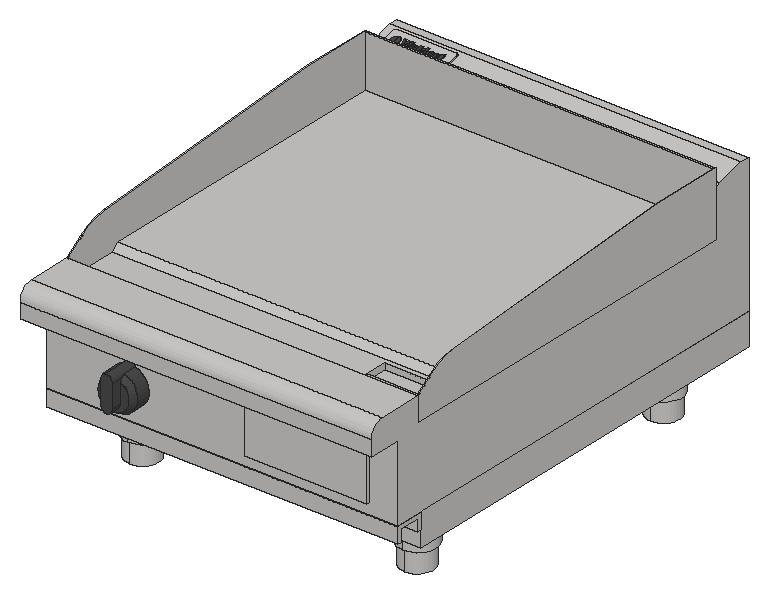
Revit family "QF_MOFFAT WALDORF_GPL8600E-B", category Specialty Equipment, Revit 2012
Parameters
  Width [instance] = 600.0 mm  # constant formula
  Weight in Pounds = 260.1452
  Watts = 7200 W
  Volts = 240 V
  URL Cutsheet = "www.moffat.com"
  URL = "www.moffat.com"
  Type Mark [instance] = ""
  Status [instance] = ""
  Specification by User [instance] = ""
  Specification by Manufacturer = ""
  Show Logo [instance] = yes
  Serial Number = ""
  Seismic Rating = ""
  SMACNA No = ""
  Revision Code [instance] = ""
  Phase = 1
  Omniclass Number and Title = ""
  Number of Poles = 1
  NAFEM Spec ID Number = ""
  Model = "GPL8600E-B"
  Min Ckt Ampacity = 0 A
  Max Overcurrent Protection = 0 A
  Masterspec = ""
  Manufacturer = "MOFFAT WALDORF"
  Item Number [instance] = ""
  Installed By [instance] = ""
  Identify Quantity as Lot [instance] = yes
  Height [instance] = 370.0 mm  # constant formula
  HP = ""
  Furnished By [instance] = ""
  Foodservice Equipment Identifier [instance] = yes
  FL Amps = 30 A
  Elec Conn RI Height = 0.0 mm
  Elec Conn Connection Height = 0.0 mm
  Description = "GRIDDLE PLATE LOW SPLASHBACK ELECTRIC BENCH MOUNT"
  Depth [instance] = 805.0 mm  # constant formula
  Cycle = 50 Hz
  Conn Plug = ""
  Conn Conduit = yes
  CSI MasterFormat = ""
  CSI Master Format = ""
  Base Height [instance] = 80.0 mm
  Apparent Power = if(Phase = 3, Volts * FL Amps * 1.73, Volts * FL Amps)  # 7200 VA
Reference planes
  plane 1 "BACK": y = 0
  plane 2: z = 0
  plane 3 "LEFT": x = 0
  plane 4 "RIGHT": x = 600
  plane 5 "FRONT": y = -805
  plane 6 "TOP": z = 370
  plane 7 "Center Y": x = 300
  plane 8 "Center X": y = -402.5
  plane 9 "Base Height": z = 80
  plane 10: x = 65
  plane 11: x = 535
Forms (mm)
  Extrusion 1, solid, material "QF_Finishes_Stainless Steel"
    sketch origin (0, 0, 0) x (0, 1, 0) y (0, 0, 1)
      loop
        line (-805, 291) -> (-805, 266) -> (-749, 266) -> (-749, 135) -> (0, 135) -> (0, 370) -> (-15, 370) -> (-61.106, 357.646)
        arc (-61.106, 357.646) -> (-67.52, 353.36) -> (-70, 346.055) r 12
        line (-70, 346.055) -> (-70, 275) -> (-705, 275) -> (-705, 315) -> (-781, 315)
        arc (-781, 315) -> (-797.971, 307.971) -> (-805, 291) r 24
      loop
        line (0, 80) -> (0, 134.206) -> (-699, 134.206) -> (-699, 80) -> (0, 80)
      loop
        line (-749, 134.206) -> (-749, 107.019) -> (-742.6, 107.019) -> (-742.6, 127.806) -> (-706.4, 127.806) -> (-706.4, 107.019) -> (-700, 107.019) -> (-700, 134.206) -> (-749, 134.206)
    from 0 to 600
  Revolve 2, solid, material "QF_Finishes_Stainless Steel"
    sketch origin (535, -210, 0) x (0, 1, 0) y (0, 0, -1)
      loop
        line (78.25, -80) -> (110, -80) -> (110, 0) -> (82.5, 0) -> (82.5, -35) -> (78.25, -35) -> (78.25, -80)
      axis (110, -80) -> (110, 0)
    angle from 0 to 360
  Revolve 3, solid, material "QF_Finishes_Stainless Steel"
    sketch origin (65, -210, 0) x (0, 1, 0) y (0, 0, 1)
      loop
        line (78.25, 80) -> (78.25, 35) -> (82.5, 35) -> (82.5, 0) -> (110, 0) -> (110, 80) -> (78.25, 80)
      axis (110, 80) -> (110, 0)
    angle from 0 to 360
  Extrusion 4, void
    sketch origin (0, -699, 134.206) x (0, 1, 0) y (-1, 0, 0)
      loop
        circle (667, -470) r 13.5
    from 0 to -86.704
  Revolve 5, solid, material "QF_Finishes_Black"
    sketch origin (150, 0, -0.127) x (0, 1, 0) y (0, 0, -1)
      loop
        line (-782, -229.5) -> (-759, -229.5) -> (-759, -202) -> (-749, -202) -> (-749, -197) -> (-793, -197) -> (-793, -223.651) -> (-782, -229.5)
      axis (-793, -197) -> (-749, -197)
    angle from 0 to 360
  Extrusion 6, solid, material "QF_Finishes_Black"
    sketch origin (288.27, 0, 0.031) x (-1, 0, 0) y (0, 0, -1)
      loop
        arc (148.269, -184.969) -> (138.269, -174.969) -> (128.269, -184.969) r 10
        line (128.269, -184.969) -> (128.269, -223.969)
        arc (128.269, -223.969) -> (138.269, -233.969) -> (148.269, -223.969) r 10
        line (148.269, -223.969) -> (148.269, -184.969)
    from 759 to 808
  Revolve 7, solid, material "QF_Finishes_Stainless Steel"
    sketch origin (535, -735, 0) x (0, 1, 0) y (0, 0, -1)
      loop
        line (78.25, -80) -> (110, -80) -> (110, 0) -> (82.5, 0) -> (82.5, -35) -> (78.25, -35) -> (78.25, -80)
      axis (110, -80) -> (110, 0)
    angle from 0 to 360
  Revolve 8, solid, material "QF_Finishes_Stainless Steel"
    sketch origin (65, -735, 0) x (0, 1, 0) y (0, 0, 1)
      loop
        line (78.25, 80) -> (78.25, 35) -> (82.5, 35) -> (82.5, 0) -> (110, 0) -> (110, 80) -> (78.25, 80)
      axis (110, 80) -> (110, 0)
    angle from 0 to 360
  Extrusion 9, solid, material "QF_Finishes_Stainless Steel"
    sketch origin (0, -749, 266) x (0, 0, -1) y (1, 0, 0)
      loop
        line (26.5, 340) -> (113.5, 340) -> (113.5, 550) -> (26.5, 550) -> (26.5, 340)
    from 0 to 2.5
  Extrusion 10, solid, material "QF_Finishes_Stainless Steel"
    sketch origin (0, -751.5, 266) x (0, 0, -1) y (1, 0, 0)
      loop
        line (33.5, 550) -> (26.5, 550) -> (26.5, 340) -> (33.5, 340) -> (33.5, 550)
    from 0 to 5
  Extrusion 11, solid, material "QF_Finishes_Stainless Steel"
    sketch origin (0, -699, 134.206) x (0, 1, 0) y (-1, 0, 0)
      loop
        circle (666.862, -469.75) r 6.35
    from 0 to -24.206
Cuts and joins
  joined: Revolve 5, Extrusion 6
  joined: Extrusion 9, Extrusion 10
  Extrusion 4 cuts Extrusion 1
Lines and regions (mm)
  Split face 1
    outline origin (49.063, -18.622, 369.029) x (0, -0.965926, -0.258819) y (1, 0, 0)
      loop
        line (1.427, 105.5) -> (34.83, 105.5) -> (34.83, 125.5) -> (1.427, 125.5) -> (1.427, 105.5)
  Split face 2
    outline origin (99.063, -18.622, 369.029) x (0, -0.965926, -0.258819) y (1, 0, 0)
      loop
        line (1.427, 105.5) -> (34.83, 105.5) -> (34.83, 125.5) -> (1.427, 125.5) -> (1.427, 105.5)
  Split face 3
    outline origin (149.062, -18.622, 369.029) x (0, -0.965926, -0.258819) y (1, 0, 0)
      loop
        line (1.427, 105.5) -> (34.83, 105.5) -> (34.83, 125.5) -> (1.427, 125.5) -> (1.427, 105.5)
  Split face 4
    outline origin (199.063, -18.622, 369.029) x (0, -0.965926, -0.258819) y (1, 0, 0)
      loop
        line (1.427, 105.5) -> (34.83, 105.5) -> (34.83, 125.5) -> (1.427, 125.5) -> (1.427, 105.5)
  Split face 5
    outline origin (249.062, -18.622, 369.029) x (0, -0.965926, -0.258819) y (1, 0, 0)
      loop
        line (1.427, 105.5) -> (34.83, 105.5) -> (34.83, 125.5) -> (1.427, 125.5) -> (1.427, 105.5)
  Split face 6
    outline origin (299.062, -18.622, 369.029) x (0, -0.965926, -0.258819) y (1, 0, 0)
      loop
        line (1.427, 105.5) -> (34.83, 105.5) -> (34.83, 125.5) -> (1.427, 125.5) -> (1.427, 105.5)
  Split face 7
    outline origin (349.062, -18.622, 369.029) x (0, -0.965926, -0.258819) y (1, 0, 0)
      loop
        line (1.427, 105.5) -> (34.83, 105.5) -> (34.83, 125.5) -> (1.427, 125.5) -> (1.427, 105.5)
  symbolic lines, visible <- "Show Logo"
    curve 1: line (12.5, -52.06, 0) -> (12.5, -21.099, 0)
    curve 2: line (121.5, -21.099, 0) -> (121.5, -52.06, 0)
    curve 3: line (12.5, -21.099, 0) -> (121.5, -21.099, 0)
    curve 4: line (12.5, -52.06, 0) -> (121.5, -52.06, 0)
  symbolic lines
    curve 5: line (154.563, -50.782, 0) -> (154.563, -20.984, 0)
    curve 6: line (154.563, -20.984, 0) -> (174.562, -20.984, 0)
    curve 7: line (174.562, -20.984, 0) -> (174.562, -50.782, 0)
    curve 8: line (174.562, -50.782, 0) -> (154.563, -50.782, 0)
    curve 9: line (204.563, -20.984, 0) -> (204.563, -50.782, 0)
    curve 10: line (204.563, -50.782, 0) -> (224.562, -50.782, 0)
    curve 11: line (224.562, -50.782, 0) -> (224.562, -20.984, 0)
    curve 12: line (224.562, -20.984, 0) -> (204.563, -20.984, 0)
    curve 13: line (254.563, -20.984, 0) -> (254.563, -50.782, 0)
    curve 14: line (254.563, -50.782, 0) -> (274.562, -50.782, 0)
    curve 15: line (274.562, -50.782, 0) -> (274.562, -20.984, 0)
    curve 16: line (274.562, -20.984, 0) -> (254.563, -20.984, 0)
    curve 17: line (304.563, -20.984, 0) -> (304.563, -50.782, 0)
    curve 18: line (304.563, -50.782, 0) -> (324.563, -50.782, 0)
    curve 19: line (324.563, -50.782, 0) -> (324.563, -20.984, 0)
    curve 20: line (324.563, -20.984, 0) -> (304.563, -20.984, 0)
    curve 21: line (354.563, -20.984, 0) -> (354.563, -50.782, 0)
    curve 22: line (354.563, -50.782, 0) -> (374.563, -50.782, 0)
    curve 23: line (374.563, -50.782, 0) -> (374.563, -20.984, 0)
    curve 24: line (374.563, -20.984, 0) -> (354.563, -20.984, 0)
    curve 25: line (404.563, -50.782, 0) -> (404.563, -20.984, 0)
    curve 26: line (404.563, -20.984, 0) -> (424.563, -20.984, 0)
    curve 27: line (424.563, -20.984, 0) -> (424.563, -50.782, 0)
    curve 28: line (424.563, -50.782, 0) -> (404.563, -50.782, 0)
    curve 29: line (304.563, -50.782, 0) -> (304.563, -20.984, 0)
    curve 30: line (304.563, -20.984, 0) -> (324.563, -20.984, 0)
    curve 31: line (324.563, -20.984, 0) -> (324.563, -50.782, 0)
    curve 32: line (324.563, -50.782, 0) -> (304.563, -50.782, 0)
    curve 33: line (354.563, -20.984, 0) -> (354.563, -50.782, 0)
    curve 34: line (354.563, -50.782, 0) -> (374.563, -50.782, 0)
    curve 35: line (374.563, -50.782, 0) -> (374.563, -20.984, 0)
    curve 36: line (374.563, -20.984, 0) -> (354.563, -20.984, 0)
    curve 37: line (404.563, -50.782, 0) -> (404.563, -20.984, 0)
    curve 38: line (404.563, -20.984, 0) -> (424.563, -20.984, 0)
    curve 39: line (424.563, -20.984, 0) -> (424.563, -50.782, 0)
    curve 40: line (424.563, -50.782, 0) -> (404.563, -50.782, 0)
    curve 41: line (454.563, -50.782, 0) -> (454.563, -20.984, 0)
    curve 42: line (454.563, -20.984, 0) -> (474.563, -20.984, 0)
    curve 43: line (474.563, -20.984, 0) -> (474.563, -50.782, 0)
    curve 44: line (474.563, -50.782, 0) -> (454.563, -50.782, 0)
    curve 45: line (0, -805, 0) -> (600, -805, 0)
    curve 46: line (0, 0, 0) -> (0, -805, 0)
    curve 47: line (600, 0, 0) -> (0, 0, 0)
    curve 48: line (0, -70, 0) -> (600, -70, 0)
    curve 49: line (600, -705, 0) -> (0, -705, 0)
    curve 50: line (600, -805, 0) -> (600, 0, 0)
Dimensions and locks
  equal spacing: plane 3 "LEFT", plane 7 "Center Y", plane 4 "RIGHT"
  "Width": plane 3 "LEFT" to plane 4 "RIGHT"
  equal spacing: plane 5 "FRONT", plane 8 "Center X", plane 1 "BACK"
  "Depth": plane 5 "FRONT" to plane 1 "BACK"
  "Base Height": plane 9 "Base Height" to level
  locked: plane 6 "TOP" to plane 9 "Base Height" at 290
  plane 6 "TOP" to nested 1 to nested 1 = 1.498 mm locked, 8.706 mm locked
  plane 6 "TOP" to level = 370.0 mm
  aligned and locked: level to plane 2
  aligned and locked: Revolve 3 sketch curve to plane 9 "Base Height"
  aligned and locked: nested 2 to Extrusion 1
Automatic sketch dimensions
  curve 49 to plane 3 "LEFT" = 0.0 mm
  plane 1 "BACK" to curve 47 = 0.0 mm
  curve 47 to plane 4 "RIGHT" = 0.0 mm
  plane 5 "FRONT" to curve 45 = 0.0 mm
  plane 3 "LEFT" to curve 1 = 12.5 mm
  plane 1 "BACK" to curve 2 = 21.099 mm
  plane 10 to curve 2 = 56.5 mm
  curve 2 to curve 6 = 33.062 mm
  curve 5 to curve 6 = 20.0 mm
  curve 6 to curve 12 = 30.0 mm
  curve 9 to curve 11 = 20.0 mm
  curve 11 to curve 16 = 30.0 mm
  curve 13 to curve 16 = 20.0 mm
  plane 7 "Center Y" to curve 17 = 4.563 mm
  curve 17 to curve 31 = 20.0 mm
  curve 18 to curve 34 = 30.0 mm
  curve 21 to curve 23 = 20.0 mm
  curve 22 to curve 37 = 30.0 mm
  curve 25 to curve 27 = 20.0 mm
  curve 26 to curve 41 = 30.0 mm
  curve 41 to curve 43 = 20.0 mm
  curve 49 to plane 5 "FRONT" = 100.0 mm
  curve 48 to curve 1 = 48.901 mm
  curve 48 to curve 1 = 17.94 mm
  plane 1 "BACK" to curve 8 = 50.782 mm
  curve 7 to curve 9 = 0.0 mm
  curve 10 to curve 13 = 0.0 mm
  curve 14 to curve 17 = 0.0 mm
  curve 40 to curve 41 = 0.0 mm
  curve 18 to curve 21 = 0.0 mm
  plane 1 "BACK" to curve 27 = 20.984 mm
  plane 1 "BACK" to curve 35 = 20.984 mm
  plane 1 "BACK" to curve 20 = 20.984 mm
  plane 1 "BACK" to curve 41 = 20.984 mm
  plane 1 "BACK" to curve 16 = 20.984 mm
  plane 1 "BACK" to curve 12 = 20.984 mm
  plane 1 "BACK" to curve 7 = 20.984 mm
  Extrusion 1 sketch curve to plane 5 "FRONT" = 0.0 mm
  Extrusion 1 sketch curve to plane 9 "Base Height" = 0.0 mm
  Extrusion 1 sketch curve to plane 6 "TOP" = 0.0 mm
  Extrusion 1 sketch curve to plane 1 "BACK" = 0.0 mm  (x2)
  Extrusion 1 sketch curve to plane 5 "FRONT" = 24.0 mm
  Extrusion 1 sketch curve to plane 5 "FRONT" = 56.0 mm
  Extrusion 1 sketch curve to Extrusion 1 sketch curve = 0.0 mm  (x2)
  Extrusion 1 sketch curve to Extrusion 1 sketch curve = 6.4 mm  (x3)
  Extrusion 1 sketch curve to Extrusion 1 sketch curve = 36.2 mm
  Extrusion 1 sketch curve to Extrusion 1 sketch curve = 44.0 mm
  Extrusion 1 sketch curve to Extrusion 1 sketch curve = 1.0 mm
  plane 1 "BACK" to Extrusion 1 sketch curve = 70.0 mm
  Extrusion 1 sketch curve to plane 6 "TOP" = 12.354 mm
  Extrusion 1 sketch curve to Extrusion 1 sketch curve = 8.894 mm
  Extrusion 1 sketch curve to Extrusion 1 sketch curve = 3.106 mm
  Extrusion 1 sketch curve to Extrusion 1 sketch curve = 15.0 mm
  plane 9 "Base Height" to Extrusion 1 sketch curve = 27.019 mm  (x2)
  Extrusion 1 sketch curve to Extrusion 1 sketch curve = 20.787 mm
  Extrusion 1 sketch curve to Extrusion 1 sketch curve = 0.794 mm
  Extrusion 1 sketch curve to Extrusion 1 sketch curve = 131.0 mm
  Extrusion 1 sketch curve to Extrusion 1 sketch curve = 140.0 mm
  Extrusion 1 sketch curve to Extrusion 1 sketch curve = 25.0 mm
  Revolve 2 sketch curve to plane 9 "Base Height" = 0.0 mm
  Revolve 2 sketch curve to level = 0.0 mm
  level to Revolve 2 sketch curve = 35.0 mm
  plane 1 "BACK" to Revolve 2 sketch curve = 131.75 mm
  Revolve 2 sketch curve to Revolve 2 sketch curve = 4.25 mm
  Revolve 2 sketch curve to Revolve 2 sketch curve = 27.5 mm
  Revolve 2 sketch curve to Revolve 2 sketch curve = 0.0 mm
  Revolve 2 sketch curve to Revolve 2 sketch curve = 30.0 mm
  Revolve 2 sketch curve to Revolve 2 sketch curve = 55.0 mm
  Revolve 3 sketch curve to level = 0.0 mm
  level to Revolve 3 sketch curve = 35.0 mm
  plane 1 "BACK" to Revolve 3 sketch curve = 131.75 mm
  Revolve 3 sketch curve to Revolve 3 sketch curve = 4.25 mm
  Revolve 3 sketch curve to Revolve 3 sketch curve = 27.5 mm
  Revolve 3 sketch curve to Revolve 3 sketch curve = 0.0 mm
  Revolve 3 sketch curve to Revolve 3 sketch curve = 55.0 mm
  Revolve 3 sketch curve to Revolve 3 sketch curve = 30.0 mm
  Revolve 5 sketch curve to plane 5 "FRONT" = 12.0 mm
  Revolve 5 sketch curve to Revolve 5 sketch curve = 0.0 mm  (x2)
  Revolve 5 sketch curve to Revolve 5 sketch curve = 11.0 mm
  Revolve 5 sketch curve to Revolve 5 sketch curve = 12.7 mm
  Revolve 5 sketch curve to Revolve 5 sketch curve = 23.0 mm
  Revolve 5 sketch curve to Revolve 5 sketch curve = 10.0 mm
  plane 9 "Base Height" to Revolve 5 sketch curve = 149.373 mm
  Revolve 5 sketch curve to Revolve 5 sketch curve = 5.849 mm
  Revolve 5 sketch curve to Revolve 5 sketch curve = 27.5 mm
  Revolve 5 sketch curve to Revolve 5 sketch curve = 5.0 mm
  plane 10 to Extrusion 6 sketch curve = 95.001 mm
  Extrusion 6 sketch curve to Extrusion 6 sketch curve = 10.0 mm
  plane 9 "Base Height" to Extrusion 6 sketch curve = 144.0 mm
  Extrusion 6 sketch curve to Extrusion 6 sketch curve = 39.0 mm
  Extrusion 1 to Split face 1 sketch curve = 5.177 mm
  Split face 1 sketch curve to Extrusion 1 = 9.153 mm
  Split face 1 sketch curve to Extrusion 1 = 154.563 mm
  Split face 1 sketch curve to Split face 1 sketch curve = 20.0 mm
  Revolve 7 sketch curve to plane 9 "Base Height" = 0.0 mm
  Revolve 7 sketch curve to level = 0.0 mm
  level to Revolve 7 sketch curve = 35.0 mm
  Revolve 7 sketch curve to plane 5 "FRONT" = 148.25 mm
  Revolve 7 sketch curve to Revolve 7 sketch curve = 4.25 mm
  Revolve 7 sketch curve to Revolve 7 sketch curve = 27.5 mm
  Revolve 7 sketch curve to Revolve 7 sketch curve = 0.0 mm
  Revolve 7 sketch curve to Revolve 7 sketch curve = 30.0 mm
  Revolve 7 sketch curve to Revolve 7 sketch curve = 55.0 mm
  Revolve 8 sketch curve to plane 9 "Base Height" = 0.0 mm
  Revolve 8 sketch curve to level = 0.0 mm
  level to Revolve 8 sketch curve = 35.0 mm
  Revolve 8 sketch curve to plane 5 "FRONT" = 148.25 mm
  Revolve 8 sketch curve to Revolve 8 sketch curve = 4.25 mm
  Revolve 8 sketch curve to Revolve 8 sketch curve = 27.5 mm
  Revolve 8 sketch curve to Revolve 8 sketch curve = 0.0 mm
  Revolve 8 sketch curve to Revolve 8 sketch curve = 55.0 mm
  Revolve 8 sketch curve to Revolve 8 sketch curve = 30.0 mm
  Extrusion 1 to Split face 2 sketch curve = 5.177 mm
  Split face 2 sketch curve to Extrusion 1 = 9.153 mm
  Split face 2 sketch curve to Extrusion 1 = 204.563 mm
  Split face 2 sketch curve to Split face 2 sketch curve = 20.0 mm
  Extrusion 1 to Split face 3 sketch curve = 5.177 mm
  Split face 3 sketch curve to Extrusion 1 = 9.153 mm
  Split face 3 sketch curve to Extrusion 1 = 254.563 mm
  Split face 3 sketch curve to Split face 3 sketch curve = 20.0 mm
  Extrusion 1 to Split face 4 sketch curve = 5.177 mm
  Split face 4 sketch curve to Extrusion 1 = 9.153 mm
  Split face 4 sketch curve to Extrusion 1 = 295.437 mm
  Split face 4 sketch curve to Split face 4 sketch curve = 20.0 mm
  Extrusion 1 to Split face 5 sketch curve = 5.177 mm
  Split face 5 sketch curve to Extrusion 1 = 9.153 mm
  Split face 5 sketch curve to Extrusion 1 = 245.437 mm
  Split face 5 sketch curve to Split face 5 sketch curve = 20.0 mm
  Extrusion 1 to Split face 6 sketch curve = 5.177 mm
  Split face 6 sketch curve to Extrusion 1 = 9.153 mm
  Split face 6 sketch curve to Extrusion 1 = 195.437 mm
  Split face 6 sketch curve to Split face 6 sketch curve = 20.0 mm
  Extrusion 1 to Extrusion 9 sketch curve = 26.5 mm
  Extrusion 9 sketch curve to Extrusion 1 = 17.5 mm
  Extrusion 1 to Extrusion 9 sketch curve = 260.0 mm
  Extrusion 1 to Extrusion 9 sketch curve = 50.0 mm
  Extrusion 10 sketch curve to Extrusion 9 = 0.0 mm  (x2)
  Extrusion 9 to Extrusion 10 sketch curve = 0.0 mm
  Extrusion 10 sketch curve to Extrusion 9 = 7.0 mm
  Extrusion 1 to Split face 7 sketch curve = 5.177 mm
  Split face 7 sketch curve to Extrusion 1 = 9.153 mm
  Split face 7 sketch curve to Extrusion 1 = 145.437 mm
  Split face 7 sketch curve to Split face 7 sketch curve = 20.0 mm
  curve 44 to curve 41 = 29.799 mm
  Extrusion 1 to Extrusion 4 sketch curve = 32.0 mm
  Extrusion 1 to Extrusion 4 sketch curve = 130.0 mm
  Extrusion 1 to Extrusion 11 sketch curve = 32.138 mm
  Extrusion 1 to Extrusion 11 sketch curve = 130.25 mm
  radius of Extrusion 4 sketch curve = 13.5 mm
  radius of Extrusion 11 sketch curve = 6.35 mm
Nested families
  nested 1: "WALDORF LOGO" at (12.5, -36.099, 347.942), visible <- "Show Logo", type "WALDORF LOGO", detail levels medium+fine
    with Type Mark "", Status "", Specification by User "", Show Logo yes, Revision Code "", Item Number "", Installed By "", Identify Quantity as Lot yes, Furnished By "", Foodservice Equipment Identifier yes
  nested 2: "GAS GRIDDLE PLATE" at (0, -70, 274.5), type "GAS GRIDDLE PLATE"
    with Type Mark "", Status "", Specification by User "", Show Clearance yes, Revision Code "", Number of Poles 1, Mechanical Remarks "", Mechanical Connection Type "", Item Number "", Installed By "", Identify Quantity as Lot yes, Gas RI Height 0.0 mm, Gas KW 0, Gas Input 0.0 Btu/h, Furnished By "", Foodservice Equipment Identifier yes, Electrical Remarks "", Electric Connection Type "", Elec Conn RI Height 0.0 mm, Elec Conn Connection Height 0.0 mm
Connectors
  electrical at (469.75, -32.138, 110), driven by "Volts", driven by "Watts"
    settings: on Extrusion 11, index 1, voltage 240 V, apparent load 7200 VA, apparent load phase1 0 VA, apparent load phase2 0 VA, apparent load phase3 0 VA, power factor 1, load classification "Other", number of poles 1, system type 30, power factor state 1, is connector primary yes, connector utility no, sub classification motor no, connector description "ELECTRICAL CONNECTION"
Definition of nested family "WALDORF LOGO"
  Parameters (values of type "WALDORF LOGO")
    Weight in Pounds = 0
    URL Cutsheet = ""
    Type Mark [instance] = ""
    Status [instance] = ""
    Specification by User [instance] = ""
    Specification by Manufacturer = ""
    Show Logo [instance] = yes
    Serial Number = ""
    Seismic Rating = ""
    SMACNA No = ""
    Revision Code [instance] = ""
    Omniclass Number and Title = ""
    NAFEM Spec ID Number = ""
    Masterspec = ""
    Item Number [instance] = ""
    Installed By [instance] = ""
    Identify Quantity as Lot [instance] = yes
    Furnished By [instance] = ""
    Foodservice Equipment Identifier [instance] = yes
    CSI MasterFormat = ""
    CSI Master Format = ""
  Reference planes
    plane 1 "BACK": y = 0
    plane 2: z = 0
    plane 3 "LEFT": x = 0
    plane 4 "RIGHT": x = 109
    plane 5 "FRONT": y = -1.588
    plane 6 "TOP": z = 34.14
    plane 7 "Center Y": x = 54.5
    plane 8 "Center X": y = -0.794
  Forms (mm)
    Extrusion 1, solid, material "QF_Finishes_Stainless Steel", visible <- "Show Logo"
      sketch origin (0, -16.884, 11.854) x (1, 0, 0) y (0, 0.966938, 0.255012)
        loop
          arc (5, 34.14) -> (1.464, 32.676) -> (0, 29.14) r 5
          line (0, 29.14) -> (0, 5)
          arc (0, 5) -> (1.464, 1.464) -> (5, 0) r 5
          line (5, 0) -> (104, 0)
          arc (104, 0) -> (107.536, 1.464) -> (109, 5) r 5
          line (109, 5) -> (109, 29.14)
          arc (109, 29.14) -> (107.536, 32.676) -> (104, 34.14) r 5
          line (104, 34.14) -> (5, 34.14)
      from 0 to 1.588
    Extrusion 2, solid, material "QF_Finishes_Black", visible <- "Show Logo"
      sketch origin (0, -17.288, 13.389) x (1, 0, 0) y (0, 0.966938, 0.255012)
        loop
          line (24.772, 23.214) -> (27.992, 10.301) -> (31.551, 10.301) -> (33.443, 17.364) -> (35.205, 10.301) -> (39.332, 10.301) -> (42.077, 23.214) -> (38.352, 23.214) -> (36.676, 15.33) -> (35, 23.214) -> (31.752, 23.214) -> (30.076, 15.33) -> (28.4, 23.214) -> (24.772, 23.214)
        loop
          line (42.272, 17.055) -> (45.703, 17.055)
          spline (45.703, 17.055) -> (45.741, 17.285) -> (45.852, 17.499) -> (46.028, 17.682) -> (46.258, 17.823) -> (46.526, 17.912) -> (46.813, 17.942) -> (47.1, 17.912) -> (47.368, 17.823) -> (47.597, 17.682) -> (47.774, 17.499) -> (47.884, 17.285) -> (47.922, 17.055)
          line (47.922, 17.055) -> (47.922, 16.222)
          arc (47.922, 16.222) -> (45.742, 16.014) -> (43.665, 15.317) r 9.604
          arc (43.665, 15.317) -> (41.924, 12.809) -> (43.665, 10.301) r 2.677
          arc (43.665, 10.301) -> (45.527, 10.353) -> (47.332, 10.816) r 8.365
          line (47.332, 10.816) -> (48.092, 11.105) -> (48.092, 10.301) -> (51.817, 10.301) -> (51.817, 17.055)
          spline (51.817, 17.055) -> (51.654, 17.821) -> (51.178, 18.535) -> (50.419, 19.148) -> (49.431, 19.619) -> (48.28, 19.914) -> (47.044, 20.015) -> (45.809, 19.914) -> (44.658, 19.619) -> (43.67, 19.148) -> (42.911, 18.535) -> (42.434, 17.821) -> (42.272, 17.055)
        loop
          line (53.151, 23.214) -> (53.151, 10.301) -> (57.37, 10.301) -> (57.37, 23.214) -> (53.151, 23.214)
        loop
          line (64.874, 23.214) -> (64.874, 18.857)
          arc (64.874, 18.857) -> (58.083, 15.11) -> (64.874, 11.363) r 4.429
          line (64.874, 11.363) -> (64.874, 10.301) -> (68.378, 10.301) -> (68.378, 23.214) -> (64.874, 23.214)
        loop
          arc (64.874, 16.083) -> (61.41, 14.987) -> (64.874, 13.891) r 1.905
          line (64.874, 13.891) -> (64.874, 16.083)
        loop
          circle (74.623, 15.223) r 5
        loop
          spline (74.623, 17.856) -> (74.355, 17.766) -> (74.105, 17.503) -> (73.891, 17.084) -> (73.726, 16.539) -> (73.623, 15.904) -> (73.588, 15.223) -> (73.623, 14.541) -> (73.726, 13.906) -> (73.891, 13.361) -> (74.105, 12.942) -> (74.355, 12.679) -> (74.623, 12.59)
          spline (74.623, 12.59) -> (74.891, 12.679) -> (75.141, 12.942) -> (75.355, 13.361) -> (75.52, 13.906) -> (75.623, 14.541) -> (75.659, 15.223) -> (75.623, 15.904) -> (75.52, 16.539) -> (75.355, 17.084) -> (75.141, 17.503) -> (74.891, 17.766) -> (74.623, 17.856)
        loop
          line (81.255, 19.813) -> (81.255, 10.301) -> (84.834, 10.301) -> (84.834, 14.176)
          arc (84.834, 14.176) -> (85.854, 16.093) -> (88.013, 16.32) r 2.313
          line (88.013, 16.32) -> (88.013, 19.813) -> (87.161, 19.813)
          arc (87.161, 19.813) -> (85.526, 19.266) -> (84.549, 17.844) r 2.717
          line (84.549, 17.844) -> (84.549, 19.813) -> (81.255, 19.813)
        loop
          line (90.249, 19.813) -> (88.91, 19.813) -> (88.91, 17.614) -> (90.249, 17.614) -> (90.249, 10.301) -> (93.998, 10.301) -> (93.998, 17.614) -> (95.418, 17.614) -> (95.418, 19.813) -> (93.998, 19.813)
          arc (93.998, 19.813) -> (94.414, 20.817) -> (95.418, 21.233) r 1.42
          line (95.418, 21.233) -> (95.418, 23.602) -> (93.317, 23.602)
          arc (93.317, 23.602) -> (91.343, 22.903) -> (90.249, 21.118) r 3.137
          line (90.249, 21.118) -> (90.249, 19.813)
        loop
          arc (15.241, 23.571) -> (8.392, 16.525) -> (15.241, 9.479) r 7.049
          line (15.241, 9.479) -> (15.241, 23.571)
        loop
          line (15.641, 23.571) -> (15.641, 9.479)
          arc (15.641, 9.479) -> (22.49, 16.525) -> (15.641, 23.571) r 7.049
        loop
          arc (47.922, 14.711) -> (46.266, 13.749) -> (47.922, 12.787) r 1.107
          line (47.922, 12.787) -> (47.922, 14.711)
      from 0 to 0.2
  Dimensions and locks
    equal spacing: plane 3 "LEFT", plane 7 "Center Y", plane 4 "RIGHT"
    plane 3 "LEFT" to plane 4 "RIGHT" = 109.0 mm
    equal spacing: plane 5 "FRONT", plane 8 "Center X", plane 1 "BACK"
    plane 5 "FRONT" to plane 1 "BACK" = 1.588 mm
    aligned and locked: level to plane 2
  Automatic sketch dimensions
    Extrusion 1 sketch curve to plane 3 "LEFT" = 0.0 mm
    Extrusion 1 sketch curve to plane 4 "RIGHT" = 0.0 mm
    plane 3 "LEFT" to Extrusion 1 sketch curve = 5.0 mm  (x2)
    plane 4 "RIGHT" to Extrusion 1 sketch curve = 5.0 mm  (x2)
    Extrusion 1 sketch curve to Extrusion 1 sketch curve = 24.14 mm
    Extrusion 2 sketch curve to Extrusion 2 sketch curve = 0.0 mm  (x14)
    Extrusion 2 sketch curve to Extrusion 1 = 15.241 mm
    Extrusion 2 sketch curve to Extrusion 2 sketch curve = 0.2 mm
    Extrusion 2 sketch curve to Extrusion 2 sketch curve = 0.4 mm
    Extrusion 2 sketch curve to Extrusion 2 sketch curve = 9.131 mm
    Extrusion 2 sketch curve to Extrusion 1 = 10.301 mm  (x2)
    Extrusion 2 sketch curve to Extrusion 2 sketch curve = 12.351 mm
    Extrusion 2 sketch curve to Extrusion 2 sketch curve = 3.628 mm
    Extrusion 2 sketch curve to Extrusion 2 sketch curve = 2.084 mm
    Extrusion 2 sketch curve to Extrusion 2 sketch curve = 3.559 mm
    Extrusion 2 sketch curve to Extrusion 1 = 10.926 mm  (x2)
    Extrusion 2 sketch curve to Extrusion 2 sketch curve = 3.352 mm  (x2)
    Extrusion 2 sketch curve to Extrusion 2 sketch curve = 3.367 mm
    Extrusion 2 sketch curve to Extrusion 2 sketch curve = 3.249 mm
    Extrusion 2 sketch curve to Extrusion 2 sketch curve = 3.654 mm
    Extrusion 2 sketch curve to Extrusion 1 = 15.33 mm
    Extrusion 2 sketch curve to Extrusion 2 sketch curve = 3.233 mm
    Extrusion 2 sketch curve to Extrusion 2 sketch curve = 4.128 mm
    Extrusion 2 sketch curve to Extrusion 2 sketch curve = 3.725 mm
    Extrusion 2 sketch curve to Extrusion 2 sketch curve = 5.596 mm
    Extrusion 2 sketch curve to Extrusion 2 sketch curve = 4.333 mm
    Extrusion 2 sketch curve to Extrusion 2 sketch curve = 1.394 mm
    Extrusion 2 sketch curve to Extrusion 2 sketch curve = 2.092 mm
    Extrusion 2 sketch curve to Extrusion 2 sketch curve = 0.936 mm
    Extrusion 2 sketch curve to Extrusion 2 sketch curve = 1.34 mm
    Extrusion 2 sketch curve to Extrusion 2 sketch curve = 1.109 mm
    Extrusion 2 sketch curve to Extrusion 2 sketch curve = 0.232 mm
    Extrusion 2 sketch curve to Extrusion 2 sketch curve = 2.731 mm
    Extrusion 2 sketch curve to Extrusion 2 sketch curve = 0.549 mm  (x2)
    Extrusion 2 sketch curve to Extrusion 2 sketch curve = 0.407 mm
    Extrusion 2 sketch curve to Extrusion 2 sketch curve = 0.76 mm
    Extrusion 2 sketch curve to Extrusion 2 sketch curve = 1.334 mm
    Extrusion 2 sketch curve to Extrusion 2 sketch curve = 4.219 mm
    Extrusion 2 sketch curve to Extrusion 2 sketch curve = 5.142 mm
    Extrusion 2 sketch curve to Extrusion 2 sketch curve = 0.803 mm
    Extrusion 2 sketch curve to Extrusion 2 sketch curve = 1.558 mm
    Extrusion 2 sketch curve to Extrusion 2 sketch curve = 3.504 mm
    Extrusion 2 sketch curve to Extrusion 2 sketch curve = 6.245 mm
    Extrusion 2 sketch curve to Extrusion 2 sketch curve = 6.632 mm
    Extrusion 2 sketch curve to Extrusion 2 sketch curve = 3.294 mm
    Extrusion 2 sketch curve to Extrusion 2 sketch curve = 3.579 mm
    Extrusion 2 sketch curve to Extrusion 2 sketch curve = 2.313 mm
    Extrusion 2 sketch curve to Extrusion 2 sketch curve = 2.612 mm
    Extrusion 2 sketch curve to Extrusion 2 sketch curve = 0.852 mm
    Extrusion 2 sketch curve to Extrusion 2 sketch curve = 0.897 mm
    Extrusion 2 sketch curve to Extrusion 2 sketch curve = 3.102 mm
    Extrusion 2 sketch curve to Extrusion 2 sketch curve = 1.338 mm
    Extrusion 2 sketch curve to Extrusion 2 sketch curve = 3.068 mm
    Extrusion 2 sketch curve to Extrusion 2 sketch curve = 0.681 mm
    Extrusion 2 sketch curve to Extrusion 2 sketch curve = 3.749 mm
    Extrusion 2 sketch curve to Extrusion 2 sketch curve = 1.42 mm
    Extrusion 2 sketch curve to Extrusion 2 sketch curve = 5.029 mm  (x2)
    Extrusion 2 sketch curve to Extrusion 1 = 9.479 mm
    Extrusion 2 sketch curve to Extrusion 2 sketch curve = 3.681 mm
    Extrusion 2 sketch curve to Extrusion 2 sketch curve = 0.515 mm
    Extrusion 2 sketch curve to Extrusion 2 sketch curve = 0.804 mm
    Extrusion 2 sketch curve to Extrusion 2 sketch curve = 1.062 mm
    Extrusion 2 sketch curve to Extrusion 2 sketch curve = 1.682 mm
    Extrusion 2 sketch curve to Extrusion 2 sketch curve = 2.508 mm
    Extrusion 2 sketch curve to Extrusion 2 sketch curve = 0.962 mm
    Extrusion 2 sketch curve to Extrusion 2 sketch curve = 2.528 mm
    Extrusion 2 sketch curve to Extrusion 2 sketch curve = 3.875 mm
    Extrusion 2 sketch curve to Extrusion 2 sketch curve = 1.096 mm
    Extrusion 2 sketch curve to Extrusion 2 sketch curve = 0.123 mm
    Extrusion 2 sketch curve to Extrusion 2 sketch curve = 4.922 mm
    Extrusion 2 sketch curve to Extrusion 2 sketch curve = 7.046 mm
    Extrusion 2 sketch curve to Extrusion 2 sketch curve = 0.833 mm
    Extrusion 2 sketch curve to Extrusion 2 sketch curve = 0.776 mm
    Extrusion 2 sketch curve to Extrusion 2 sketch curve = 2.034 mm
    Extrusion 2 sketch curve to Extrusion 2 sketch curve = 7.314 mm
    Extrusion 2 sketch curve to Extrusion 2 sketch curve = 1.295 mm
    Extrusion 2 sketch curve to Extrusion 2 sketch curve = 0.749 mm
    Extrusion 2 sketch curve to Extrusion 2 sketch curve = 2.633 mm
    Extrusion 2 sketch curve to Extrusion 2 sketch curve = 2.198 mm  (x2)
    Extrusion 2 sketch curve to Extrusion 2 sketch curve = 1.968 mm
    Extrusion 2 sketch curve to Extrusion 2 sketch curve = 0.653 mm
    Extrusion 2 sketch curve to Extrusion 2 sketch curve = 1.305 mm
    Extrusion 2 sketch curve to Extrusion 2 sketch curve = 4.357 mm
    Extrusion 2 sketch curve to Extrusion 2 sketch curve = 6.159 mm
    radius of Extrusion 2 sketch curve = 5.0 mm
Definition of nested family "GAS GRIDDLE PLATE"
  Parameters (values of type "GAS GRIDDLE PLATE_LOW")
    Weight in Pounds = 0
    Watts = 0 W
    Volts = 0 V
    URL Cutsheet = ""
    Type Mark [instance] = ""
    Status [instance] = ""
    Specification by User [instance] = ""
    Specification by Manufacturer = ""
    Show Clearance [instance] = yes
    Serial Number = ""
    Seismic Rating = ""
    SMACNA No = ""
    Revision Code [instance] = ""
    Phase = 1
    Omniclass Number and Title = ""
    Number of Poles [instance] = 1
    NAFEM Spec ID Number = ""
    Min Ckt Ampacity = 0 A
    Mechanical Remarks [instance] = ""
    Mechanical Connection Type [instance] = ""
    Max Overcurrent Protection = 0 A
    Masterspec = ""
    Item Number [instance] = ""
    Installed By [instance] = ""
    Identify Quantity as Lot [instance] = yes
    HP = ""
    Gas Size = 0"
    Gas RI Height [instance] = 0.0 mm
    Gas KW [instance] = 0
    Gas Input [instance] = 0.0 Btu/h
    Gas Connection Height = 0.0 mm
    Furnished By [instance] = ""
    Foodservice Equipment Identifier [instance] = yes
    FL Amps = 0 A
    Electrical Remarks [instance] = ""
    Electric Connection Type [instance] = ""
    Elec Conn RI Height [instance] = 0.0 mm
    Elec Conn Connection Height [instance] = 0.0 mm
    Cycle = 0 Hz
    Conn Plug = ""
    Conn Conduit = yes
    CSI MasterFormat = ""
    CSI Master Format = ""
    Apparent Power = if(Phase = 3, Volts * FL Amps * 1.73, Volts * FL Amps)  # 0 VA
  Reference planes
    plane 1 "BACK": y = 0
    plane 2: z = 0
    plane 3 "LEFT": x = 0
    plane 4 "RIGHT": x = 600
    plane 5 "FRONT": y = -634.4
    plane 6 "TOP": z = 142.5
    plane 7 "Center Y": x = 300
    plane 8 "Center X": y = -317.2
  Forms (mm)
    Extrusion 1, solid, material "QF_Finishes_Stainless Steel"
      sketch origin (0, 70.003, -874.5) x (0, 1, 0) y (0, 0, 1)
        loop
          line (-70, 875) -> (-70, 984.5) -> (-191.003, 984.5) -> (-626.368, 954.056)
          arc (-626.368, 954.056) -> (-652.773, 948.564) -> (-676.75, 936.215) r 100
          line (-676.75, 936.215) -> (-704.403, 916.852) -> (-704.403, 875) -> (-70, 875)
      from 0 to 1.8
    Extrusion 2, solid, material "QF_Finishes_Stainless Steel"
      sketch origin (600, 70.003, -874.5) x (0, -1, 0) y (0, 0, 1)
        loop
          line (70, 875) -> (704.403, 875) -> (704.403, 916.852) -> (676.75, 936.215)
          arc (676.75, 936.215) -> (652.773, 948.564) -> (626.368, 954.056) r 100
          line (626.368, 954.056) -> (191.003, 984.5) -> (70, 984.5) -> (70, 875)
      from 0 to 1.2
    Extrusion 3, solid, material "QF_Finishes_Stainless Steel"
      sketch origin (150, 70.003, -874.5) x (0, 1, 0) y (0, 0, 1)
        loop
          line (-70, 895) -> (-601, 895) -> (-611.5, 884.5) -> (-704.403, 884.5) -> (-704.403, 875) -> (-70, 875) -> (-70, 895)
      from -148.2 to 448.8
    Extrusion 4, void
      sketch origin (150, -541.497, 10) x (0, -1, 0) y (1, 0, 0)
        loop
          line (10, 414.3) -> (10, 325.8) -> (48.5, 325.8) -> (48.5, 414.3) -> (10, 414.3)
      from -41.4 to 40.142
    Extrusion 5, solid, material "QF_Finishes_Stainless Steel"
      sketch origin (150, 0.003, 211.574) x (0, 0, -1) y (1, 0, 0)
        loop
          line (101.574, -148.2) -> (191.074, -148.2) -> (191.074, 448.8) -> (101.574, 448.8) -> (101.574, -148.2)
      from 0 to 1.683
  Cuts and joins
    Extrusion 4 cuts Extrusion 3
  Lines and regions (mm)
    symbolic lines
      curve 1: line (598.8, -530.997, 0) -> (1.8, -530.997, 0)
      curve 2: line (1.8, -541.497, 0) -> (598.8, -541.497, 0)
      curve 3: line (475.8, -551.497, 0) -> (475.8, -589.997, 0)
      curve 4: line (475.8, -589.997, 0) -> (564.3, -589.997, 0)
      curve 5: line (564.3, -589.997, 0) -> (564.3, -551.497, 0)
      curve 6: line (564.3, -551.497, 0) -> (475.8, -551.497, 0)
      curve 7: line (1.8, -1.68, 0) -> (598.8, -1.68, 0)
      curve 8: line (598.8, 0, 0) -> (598.8, -634.4, 0)
      curve 9: line (1.8, -634.4, 0) -> (1.8, 0, 0)
      curve 10: line (1.8, -634.4, 0) -> (598.8, -634.4, 0)
  Dimensions and locks
    equal spacing: plane 3 "LEFT", plane 7 "Center Y", plane 4 "RIGHT"
    plane 3 "LEFT" to plane 4 "RIGHT" = 600.0 mm
    equal spacing: plane 5 "FRONT", plane 8 "Center X", plane 1 "BACK"
    plane 5 "FRONT" to plane 1 "BACK" = 634.4 mm
    aligned and locked: level to plane 2
  Automatic sketch dimensions
    plane 1 "BACK" to Extrusion 1 sketch curve = 634.4 mm
    level to Extrusion 1 sketch curve = 0.5 mm
    level to Extrusion 2 sketch curve = 0.5 mm
    plane 1 "BACK" to Extrusion 3 sketch curve = 634.4 mm
    level to Extrusion 3 sketch curve = 10.0 mm
    plane 1 "BACK" to Extrusion 3 sketch curve = 541.497 mm
    Extrusion 3 sketch curve to Extrusion 3 sketch curve = 10.5 mm
    level to Extrusion 3 sketch curve = 0.5 mm
    Extrusion 3 sketch curve to Extrusion 3 sketch curve = 531.0 mm
    level to Extrusion 3 sketch curve = 20.5 mm
    Extrusion 3 to Extrusion 4 sketch curve = 10.0 mm
    Extrusion 4 sketch curve to Extrusion 4 sketch curve = 38.5 mm
    Extrusion 3 to Extrusion 4 sketch curve = 123.0 mm
    Extrusion 3 to Extrusion 4 sketch curve = 34.5 mm
    plane 3 "LEFT" to Extrusion 5 sketch curve = 598.8 mm
    Extrusion 5 sketch curve to plane 6 "TOP" = 32.5 mm
    level to Extrusion 5 sketch curve = 20.5 mm
    Extrusion 5 sketch curve to Extrusion 5 sketch curve = 597.0 mm
    plane 5 "FRONT" to curve 10 = 0.0 mm
    plane 3 "LEFT" to curve 1 = 1.8 mm
    curve 4 to plane 5 "FRONT" = 44.403 mm
    plane 4 "RIGHT" to curve 4 = 124.2 mm
    plane 4 "RIGHT" to curve 5 = 35.7 mm
    plane 4 "RIGHT" to curve 8 = 1.2 mm
    curve 3 to curve 3 = 38.5 mm
    curve 9 to curve 2 = 92.903 mm
    curve 2 to curve 1 = 10.5 mm
    plane 1 "BACK" to curve 9 = 0.0 mm
    curve 7 to curve 9 = 0.0 mm
    plane 1 "BACK" to curve 8 = 0.0 mm
    plane 4 "RIGHT" to curve 7 = 1.2 mm
    plane 1 "BACK" to curve 7 = 1.68 mm
    Extrusion 2 sketch curve to Extrusion 2 sketch curve = 41.852 mm
    Extrusion 2 sketch curve to plane 6 "TOP" = 32.5 mm
    Extrusion 2 sketch curve to level = 20.2 mm
    Extrusion 2 sketch curve to plane 5 "FRONT" = 85.011 mm
    Extrusion 2 sketch curve to plane 5 "FRONT" = 78.035 mm
    Extrusion 2 sketch curve to plane 5 "FRONT" = 27.653 mm
    Extrusion 2 sketch curve to Extrusion 2 sketch curve = 19.363 mm
    plane 1 "BACK" to Extrusion 2 sketch curve = 121.0 mm
    Extrusion 2 sketch curve to plane 1 "BACK" = 0.003 mm
    plane 5 "FRONT" to Extrusion 2 sketch curve = 0.0 mm
    Extrusion 1 sketch curve to plane 1 "BACK" = 0.003 mm
    Extrusion 1 sketch curve to Extrusion 1 sketch curve = 41.852 mm
    Extrusion 1 sketch curve to plane 5 "FRONT" = 27.653 mm
    Extrusion 1 sketch curve to Extrusion 1 sketch curve = 19.363 mm
    Extrusion 1 sketch curve to Extrusion 1 sketch curve = 50.382 mm
    Extrusion 1 sketch curve to level = 20.2 mm
    Extrusion 1 sketch curve to plane 5 "FRONT" = 85.011 mm
    Extrusion 1 sketch curve to plane 6 "TOP" = 32.5 mm
    plane 1 "BACK" to Extrusion 1 sketch curve = 121.0 mm
